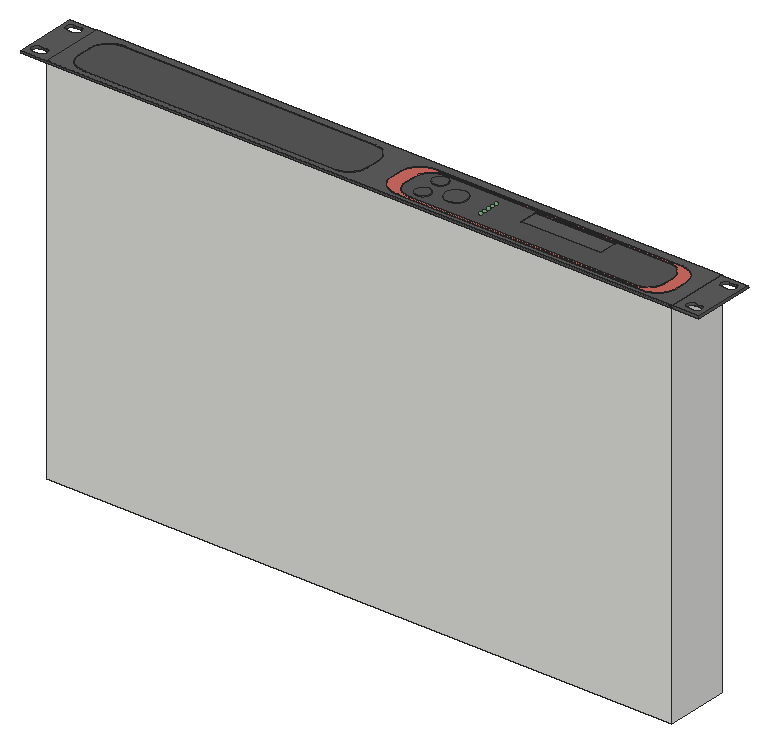
Revit family "Electronics_Fixed-Audio-DSP_Biamp_Tesira_TesiraFORTE_VT__", category Communication Devices, host Face, Revit 2020
Family settings
  Host = Face
  Maintain Annotation Orientation = No
  Round Connector Dimension = Use Diameter
  Part Type = Normal
  OmniClass Number = 23.85.10.11.11
  OmniClass Title = Sound and Signal Devices
  Cut with Voids When Loaded = No
  Shared = No
  Room Calculation Point = No
Parameters (values of type "VT")
  Width = 19.00"  # constant formula
  Weight = 8.00 lbf  # constant formula
  Voltage = 120 V
  URL = "https://www.biamp.com/"
  Type 2 = yes
  Temperature Range = "32 - 104° F (0 - 40° C)"  # constant formula
  THD+N = "0dB gain, +4dBu input: < 0.006%; 54dB gain, -50dBu input: < 0.040%"  # constant formula
  Sampling Rate = "48kHz\r"  # constant formula
  Sample Rate = "USB 48kHz"  # constant formula
  Product data url = "https://www.bimobject.com/biamp/product/tesiraforte-vt_fixed-audio-dsp"
  Product Page URL = "https://www.biamp.com/products/tesira-fixed-audio-dsp#tesiraforte-vt"
  Product Documentation Link = "https://downloads.biamp.com/assets/docs/default-source/data-sheets/biamp_data_sheet_tesiraforte_vt.pdf"
  Power Factor = 1
  Phantom Power = "+48VDC (7mA/input)\r"  # constant formula
  Output Impedance = "207 ohm"  # constant formula
  Number of Poles = 1
  Number of Channels = "up to 8"  # constant formula
  Maximum Output = "+24dBu, +18dBu, +12dBu, +6dBu, 0dBu, -31dBu"  # constant formula
  Maximum Input = "+24dBu"  # constant formula
  Max Power Consumption = 35 W
  Input Impedance = "8 kohm"  # constant formula
  Input Gain Range = "0-66dB"  # constant formula
  Humidity = "0-98% relative humidity (non-condensing)"  # constant formula
  Housing Material = Biamp - Metal - Silver
  Height = 1.75"  # constant formula
  Frequency Response = "20Hz to 20kHz, +4dBu output: +0.25 dB/-0.5 dB"  # constant formula
  EIN = "no weighting, 22Hz to 22kHz: < -125dBu"  # constant formula
  Dynamic Range = "22Hz to 22kHz, 0dB gain: > 108dB\r"  # constant formula
  Depth = 10.50"  # constant formula
  DAN/AVB = yes
  VoIP+Telephone Line = yes
  Type1 = yes
  Model = "TesiraFORTÉ VT"  # constant formula
  Manufacturer = "Biamp"  # constant formula
  Description = "TesiraFORTÉ® VT Fixed I/O DSP"  # constant formula
  Default Elevation = 48.00"
  Cross Talk = "0dB gain, +4dBu input: < -85dB; 54dB gain, -50dBu input: < -75dB"  # constant formula
  Connector Description = "100-240VAC 50/60Hz"
  Compliance = "FCC Part 15B (USA), CE marked (Europe), UL und C-UL listed (USA and Canada), RCM (Australia), RoHS Directive (Europe)"  # constant formula
  Bit Depth = "16- or 24-bit"  # constant formula
  Assembly Code = ""
  Apparent Load = Max Power Consumption / Power Factor  # 35 VA
  Altitude = "0-6,600 ft (0-2000m) MSL"  # constant formula
  A/D - D/A Converters = "24-bit"  # constant formula
Reference planes (in)
  plane 1 "Center (Front/Back)": y = 0
  plane 2: z = 0
  plane 3 "Center (Left/Right)": x = 0
  plane 4: x = 18.35304
  plane 5: y = 0.60831
  plane 6: y = -0.59466
  plane 7: y = -0.86817
  plane 8: y = 0.88183
  plane 9: x = 18.67652
  plane 10: x = -0.32348
Forms (in)
  Extrusion 1, solid, material "Biamp - Plastic - Red", detail levels medium+fine
    sketch origin (9.17652, -0.86817, -5.18699) x (1, 0, 0) y (0, 1, 0)
      loop
        arc (0.91084, 1.51843) -> (0.52967, 1.36054) -> (0.37178, 0.97937) r 0.53906
        line (0.37178, 0.97937) -> (0.37178, 0.67022)
        arc (0.37178, 0.67022) -> (0.52998, 0.28829) -> (0.91192, 0.13009) r 0.54014
        line (0.91192, 0.13009) -> (7.81996, 0.13009)
        arc (7.81996, 0.13009) -> (8.20114, 0.28798) -> (8.35902, 0.66915) r 0.53906
        line (8.35902, 0.66915) -> (8.35902, 0.97937)
        arc (8.35902, 0.97937) -> (8.20114, 1.36054) -> (7.81996, 1.51843) r 0.53906
        line (7.81996, 1.51843) -> (0.91084, 1.51843)
      loop
        line (1.22622, 0.20126) -> (7.54738, 0.20126)
        arc (7.54738, 0.20126) -> (7.87547, 0.33716) -> (8.01138, 0.66526) r 0.464
        line (8.01138, 0.66526) -> (8.01138, 0.95126)
        arc (8.01138, 0.95126) -> (7.86493, 1.30482) -> (7.51138, 1.45126) r 0.5
        line (7.51138, 1.45126) -> (1.22622, 1.45126)
        arc (1.22622, 1.45126) -> (0.89753, 1.31511) -> (0.76138, 0.98642) r 0.46484
        line (0.76138, 0.98642) -> (0.76138, 0.66611)
        arc (0.76138, 0.66611) -> (0.89753, 0.33741) -> (1.22622, 0.20126) r 0.46484
    from 5.24135 to 5.25
  Extrusion 2, solid, material "Biamp - Metal - Black"
    sketch origin (9.17652, -0.86817, -5.18699) x (1, 0, 0) y (0, 1, 0)
      loop
        line (-9.5, 1.75) -> (-9.5, 0) -> (9.5, 0) -> (9.5, 1.75) -> (-9.5, 1.75)
    from 5.18699 to 5.24135
  Extrusion 3, void, detail levels medium+fine
    sketch origin (9.17652, -0.86817, -5.18699) x (1, 0, 0) y (0, 1, 0)
      loop
        arc (9.0994, 1.61097) -> (8.96492, 1.47649) -> (9.0994, 1.342) r 0.13448
        line (9.0994, 1.342) -> (9.25364, 1.342)
        arc (9.25364, 1.342) -> (9.38812, 1.47649) -> (9.25364, 1.61097) r 0.13448
        line (9.25364, 1.61097) -> (9.0994, 1.61097)
      loop
        arc (9.0994, 0.408) -> (8.96492, 0.27351) -> (9.0994, 0.13903) r 0.13448
        line (9.0994, 0.13903) -> (9.25364, 0.13903)
        arc (9.25364, 0.13903) -> (9.38812, 0.27351) -> (9.25364, 0.408) r 0.13448
        line (9.25364, 0.408) -> (9.0994, 0.408)
      loop
        arc (-9.25364, 1.61097) -> (-9.38812, 1.47649) -> (-9.25364, 1.342) r 0.13448
        line (-9.25364, 1.342) -> (-9.0994, 1.342)
        arc (-9.0994, 1.342) -> (-8.96492, 1.47649) -> (-9.0994, 1.61097) r 0.13448
        line (-9.0994, 1.61097) -> (-9.25364, 1.61097)
      loop
        arc (-9.25364, 0.408) -> (-9.38812, 0.27351) -> (-9.25364, 0.13903) r 0.13448
        line (-9.25364, 0.13903) -> (-9.0994, 0.13903)
        arc (-9.0994, 0.13903) -> (-8.96492, 0.27351) -> (-9.0994, 0.408) r 0.13448
        line (-9.0994, 0.408) -> (-9.25364, 0.408)
    from 5.18699 to 5.24135
  Extrusion 4, solid, material "Biamp - Glass - Gray", detail levels medium+fine
    sketch origin (9.17652, -0.86817, -5.18699) x (1, 0, 0) y (0, 1, 0)
      loop
        line (3.83453, 0.85955) -> (6.08453, 0.85955) -> (6.08453, 1.3833) -> (3.83453, 1.3833) -> (3.83453, 0.85955)
    from 5.24135 to 5.25
  Extrusion 5, solid, material "Biamp - Plastic - Black", detail levels medium+fine
    sketch origin (9.17652, -0.86817, -5.18699) x (1, 0, 0) y (0, 1, 0)
      loop
        arc (1.22622, 1.45126) -> (0.89753, 1.31511) -> (0.76138, 0.98642) r 0.46484
        line (0.76138, 0.98642) -> (0.76138, 0.66611)
        arc (0.76138, 0.66611) -> (0.89753, 0.33741) -> (1.22622, 0.20126) r 0.46484
        line (1.22622, 0.20126) -> (7.54738, 0.20126)
        arc (7.54738, 0.20126) -> (7.87547, 0.33716) -> (8.01138, 0.66526) r 0.464
        line (8.01138, 0.66526) -> (8.01138, 0.95126)
        arc (8.01138, 0.95126) -> (7.86493, 1.30482) -> (7.51138, 1.45126) r 0.5
        line (7.51138, 1.45126) -> (1.22622, 1.45126)
      loop
        line (3.83453, 0.85955) -> (6.08453, 0.85955) -> (6.08453, 1.3833) -> (3.83453, 1.3833) -> (3.83453, 0.85955)
    from 5.24135 to 5.24805
  Extrusion 6, solid, material "Biamp - Metal - Black", detail levels medium+fine
    sketch origin (9.17652, -0.86817, -5.18699) x (1, 0, 0) y (0, 1, 0)
      loop
        line (-8.75742, 1.75) -> (-8.75742, 0) -> (8.75742, 0) -> (8.75742, 1.75) -> (-8.75742, 1.75)
      loop
        line (8.35902, 0.66915) -> (8.35902, 0.97937)
        arc (8.35902, 0.97937) -> (8.20114, 1.36054) -> (7.81996, 1.51843) r 0.53906
        line (7.81996, 1.51843) -> (0.91084, 1.51843)
        arc (0.91084, 1.51843) -> (0.52967, 1.36054) -> (0.37178, 0.97937) r 0.53906
        line (0.37178, 0.97937) -> (0.37178, 0.67022)
        arc (0.37178, 0.67022) -> (0.52998, 0.28829) -> (0.91192, 0.13009) r 0.54014
        line (0.91192, 0.13009) -> (7.81996, 0.13009)
        arc (7.81996, 0.13009) -> (8.20114, 0.28798) -> (8.35902, 0.66915) r 0.53906
      loop
        line (-0.80003, 1.5425) -> (-7.86956, 1.5425)
        arc (-7.86956, 1.5425) -> (-8.22311, 1.39606) -> (-8.36956, 1.0425) r 0.5
        line (-8.36956, 1.0425) -> (-8.36956, 0.64195)
        arc (-8.36956, 0.64195) -> (-8.22311, 0.2884) -> (-7.86956, 0.14195) r 0.5
        line (-7.86956, 0.14195) -> (-0.80003, 0.14195)
        arc (-0.80003, 0.14195) -> (-0.44647, 0.2884) -> (-0.30003, 0.64195) r 0.5
        line (-0.30003, 0.64195) -> (-0.30003, 1.0425)
        arc (-0.30003, 1.0425) -> (-0.44647, 1.39606) -> (-0.80003, 1.5425) r 0.5
    from 5.24135 to 5.25
  Extrusion 7, solid, material "Biamp - Plastic - Black(Grid)", detail levels medium+fine
    sketch origin (9.17652, -0.86817, -5.18699) x (1, 0, 0) y (0, 1, 0)
      loop
        arc (-7.86956, 1.5425) -> (-8.22311, 1.39606) -> (-8.36956, 1.0425) r 0.5
        line (-8.36956, 1.0425) -> (-8.36956, 0.64195)
        arc (-8.36956, 0.64195) -> (-8.22311, 0.2884) -> (-7.86956, 0.14195) r 0.5
        line (-7.86956, 0.14195) -> (-0.80003, 0.14195)
        arc (-0.80003, 0.14195) -> (-0.44647, 0.2884) -> (-0.30003, 0.64195) r 0.5
        line (-0.30003, 0.64195) -> (-0.30003, 1.0425)
        arc (-0.30003, 1.0425) -> (-0.44647, 1.39606) -> (-0.80003, 1.5425) r 0.5
        line (-0.80003, 1.5425) -> (-7.86956, 1.5425)
    from 5.24135 to 5.25
  Extrusion 8, solid, material "Biamp - Metal - Silver" <- "Housing Material"
    sketch origin (9.17652, -0.86817, -5.18699) x (1, 0, 0) y (0, 0, -1)
      loop
        line (-8.75742, 5.25) -> (-8.75742, -5.18699) -> (8.75742, -5.18699) -> (8.75742, 5.25) -> (-8.75742, 5.25)
    from 0 to 1.75
  Extrusion 9, solid, material "Biamp - Metal - Silver" <- "Housing Material", visible <- "Type1"
    sketch origin (9.17652, -0.86817, -5.18699) x (1, 0, 0) y (0, 1, 0)
      loop
        line (6.99083, 1.52401) -> (6.99083, 0.59433) -> (8.24083, 0.59433) -> (8.24083, 1.52401) -> (6.99083, 1.52401)
      loop
        line (6.26249, 0.22588) -> (6.26249, 0.78659) -> (5.55775, 0.78659) -> (5.55775, 0.22588) -> (6.26249, 0.22588)
      loop
        line (3.15045, 0.26348) -> (3.23229, 0.72758) -> (2.37912, 0.72758) -> (2.46096, 0.26348) -> (3.15045, 0.26348)
      loop
        line (1.96267, 0.22749) -> (1.96267, 0.70184) -> (1.42474, 0.70184) -> (1.42474, 0.22749) -> (1.96267, 0.22749)
      loop
        line (0.16865, 0.53988) -> (-0.7835, 0.53988) -> (-0.7835, 0.22373) -> (0.16865, 0.22373) -> (0.16865, 0.53988)
      loop
        line (-4.9886, 1.33802) -> (-5.65288, 1.33802) -> (-5.65288, 0.88089) -> (-4.9886, 0.88089) -> (-4.9886, 1.33802)
      loop
        line (-5.96289, 1.33802) -> (-6.62717, 1.33802) -> (-6.62717, 0.88089) -> (-5.96289, 0.88089) -> (-5.96289, 1.33802)
      loop
        line (-6.93718, 1.33802) -> (-7.60145, 1.33802) -> (-7.60145, 0.88089) -> (-6.93718, 0.88089) -> (-6.93718, 1.33802)
      loop
        line (-7.91147, 1.33802) -> (-8.57574, 1.33802) -> (-8.57574, 0.88089) -> (-7.91147, 0.88089) -> (-7.91147, 1.33802)
      loop
        line (-5.65288, 0.68086) -> (-5.65288, 0.22373) -> (-4.9886, 0.22373) -> (-4.9886, 0.68086) -> (-5.65288, 0.68086)
      loop
        line (-5.96289, 0.68086) -> (-6.62717, 0.68086) -> (-6.62717, 0.22373) -> (-5.96289, 0.22373) -> (-5.96289, 0.68086)
      loop
        line (-6.93718, 0.22373) -> (-6.93718, 0.68086) -> (-7.60145, 0.68086) -> (-7.60145, 0.22373) -> (-6.93718, 0.22373)
      loop
        line (-7.91147, 0.22373) -> (-7.91147, 0.68086) -> (-8.57574, 0.68086) -> (-8.57574, 0.22373) -> (-7.91147, 0.22373)
    from -5.26366 to -5.25
  Extrusion 10, solid, material "Biamp - Metal - Silver" <- "Housing Material", visible <- "Type 2"
    sketch origin (9.17652, -0.86817, -5.18699) x (1, 0, 0) y (0, 1, 0)
      loop
        line (2.80571, 1.33802) -> (2.14143, 1.33802) -> (2.14143, 0.88089) -> (2.80571, 0.88089) -> (2.80571, 1.33802)
      loop
        line (1.83142, 1.33802) -> (1.16714, 1.33802) -> (1.16714, 0.88089) -> (1.83142, 0.88089) -> (1.83142, 1.33802)
      loop
        line (0.85713, 0.88089) -> (0.85713, 1.33802) -> (0.19286, 1.33802) -> (0.19286, 0.88089) -> (0.85713, 0.88089)
      loop
        line (-0.11716, 1.33802) -> (-0.78143, 1.33802) -> (-0.78143, 0.88089) -> (-0.11716, 0.88089) -> (-0.11716, 1.33802)
      loop
        line (-1.09145, 1.33802) -> (-1.75572, 1.33802) -> (-1.75572, 0.88089) -> (-1.09145, 0.88089) -> (-1.09145, 1.33802)
      loop
        line (-2.06574, 0.88089) -> (-2.06574, 1.33802) -> (-2.73001, 1.33802) -> (-2.73001, 0.88089) -> (-2.06574, 0.88089)
      loop
        line (-3.04003, 0.88089) -> (-3.04003, 1.33802) -> (-3.7043, 1.33802) -> (-3.7043, 0.88089) -> (-3.04003, 0.88089)
      loop
        line (-3.04003, 0.68086) -> (-3.7043, 0.68086) -> (-3.7043, 0.22373) -> (-3.04003, 0.22373) -> (-3.04003, 0.68086)
      loop
        line (-4.01432, 0.22373) -> (-4.01432, 0.68086) -> (-4.67859, 0.68086) -> (-4.67859, 0.22373) -> (-4.01432, 0.22373)
      loop
        line (-4.67859, 0.88089) -> (-4.01432, 0.88089) -> (-4.01432, 1.33802) -> (-4.67859, 1.33802) -> (-4.67859, 0.88089)
      loop
        line (-2.73001, 0.68086) -> (-2.73001, 0.22373) -> (-2.06574, 0.22373) -> (-2.06574, 0.68086) -> (-2.73001, 0.68086)
      loop
        line (-1.75572, 0.68086) -> (-1.75572, 0.22373) -> (-1.09145, 0.22373) -> (-1.09145, 0.68086) -> (-1.75572, 0.68086)
    from -5.26366 to -5.25
  Extrusion 11, solid, material "Biamp - Metal - Silver" <- "Housing Material", visible <- "VoIP+Telephone Line"
    sketch origin (9.17652, -0.86817, -5.18699) x (1, 0, 0) y (0, 1, 0)
      loop
        line (5.55775, 1.47409) -> (5.55775, 0.91338) -> (6.26249, 0.91338) -> (6.26249, 1.47409) -> (5.55775, 1.47409)
      loop
        line (3.47667, 1.47409) -> (2.97667, 1.47409) -> (2.97667, 0.91338) -> (3.47667, 0.91338) -> (3.47667, 1.47409)
    from -5.26366 to -5.25
  Extrusion 12, solid, material "Biamp - Plastic - Black", detail levels fine
    sketch origin (0, 0, 0) x (1, 0, 0) y (0, 1, 0)
      loop
        circle (10.50753, 0.30721) r 0.2
      loop
        circle (10.50753, -0.30721) r 0.2
      loop
        circle (11.19836, 0) r 0.29
    from 0 to 0.06301
  Revolve 13, solid, material "Biamp - Plastic - Green", detail levels fine
    sketch origin (12.10249, -1.02037, -5.09642) x (0, 1, 0) y (0, 0, 1)
      loop
        arc (1.33717, 5.15748) -> (1.29771, 5.19694) -> (1.25824, 5.15748) r 0.03946
        line (1.25824, 5.15748) -> (1.33717, 5.15748)
      loop
        arc (1.19785, 5.15748) -> (1.15839, 5.19694) -> (1.11892, 5.15748) r 0.03946
        line (1.11892, 5.15748) -> (1.19785, 5.15748)
      loop
        arc (1.05983, 5.15748) -> (1.02037, 5.19694) -> (0.9809, 5.15748) r 0.03946
        line (0.9809, 5.15748) -> (1.05983, 5.15748)
      loop
        arc (0.92095, 5.15748) -> (0.88149, 5.19694) -> (0.84202, 5.15748) r 0.03946
        line (0.84202, 5.15748) -> (0.92095, 5.15748)
      loop
        arc (0.78497, 5.15748) -> (0.7455, 5.19694) -> (0.70604, 5.15748) r 0.03946
        line (0.70604, 5.15748) -> (0.78497, 5.15748)
      axis (1.33717, 5.15748) -> (0.70604, 5.15748)
    angle from 270 to 450
Cuts and joins
  Extrusion 3 cuts Extrusion 2
Lines and regions (in)
  Masking region 1
    outline origin (0, 0, 0) x (1, 0, 0) y (0, 0, 1)
      loop
        line (-0.32348, 0) -> (0.4191, 0) -> (0.4191, -10.43699) -> (17.93394, -10.43699) -> (17.93394, 0) -> (18.67652, 0) -> (18.67652, 0.06301) -> (-0.32348, 0.06301) -> (-0.32348, 0)
  symbolic lines
    curve 1: line (-0.32348, 0, 0) -> (18.67652, 0, 0)
Dimensions and locks (in)
  aligned and locked: plane 2 to host face
  aligned and locked: level to host face
Connectors (in)
  electrical at (16.79235, 0.191, -10.45064), driven by "Number of Poles", driven by "Voltage", driven by "Apparent Load", driven by "Power Factor", driven by "Connector Description"
    settings: on Extrusion 9, index 1, voltage 120 V, apparent load 0 VA, apparent load phase1 35 VA, apparent load phase2 0 VA, apparent load phase3 0 VA, power factor 1, load classification "Other", number of poles 1, system type 31, power factor state 1, is connector primary yes, connector utility no, sub classification motor no, connector description "100-240VAC 50/60Hz"
  electrical at (15.08664, -0.36194, -10.45064)
    settings: on Extrusion 9, index 2, voltage 0 V, apparent load 0 VA, apparent load phase1 0 VA, apparent load phase2 0 VA, apparent load phase3 0 VA, power factor 1, load classification "Other", number of poles 1, system type 5, power factor state 1, is connector primary no, connector utility no, sub classification motor no, connector description "RJ-45; Network control connector"
  electrical at (11.98222, -0.37264, -10.45064)
    settings: on Extrusion 9, index 4, voltage 0 V, apparent load 0 VA, apparent load phase1 0 VA, apparent load phase2 0 VA, apparent load phase3 0 VA, power factor 1, load classification "Other", number of poles 1, system type 5, power factor state 1, is connector primary no, connector utility no, sub classification motor no, connector description "RS-232; Serial Port"
  electrical at (11.65009, 0.24129, -10.45064)
    settings: on Extrusion 10, index 5, voltage 0 V, apparent load 0 VA, apparent load phase1 0 VA, apparent load phase2 0 VA, apparent load phase3 0 VA, power factor 1, load classification "Other", number of poles 1, system type 5, power factor state 1, is connector primary no, connector utility no, sub classification motor no, connector description "Analog Input"
  electrical at (10.6758, 0.24129, -10.45064)
    settings: on Extrusion 10, index 6, voltage 0 V, apparent load 0 VA, apparent load phase1 0 VA, apparent load phase2 0 VA, apparent load phase3 0 VA, power factor 1, load classification "Other", number of poles 1, system type 5, power factor state 1, is connector primary no, connector utility no, sub classification motor no, connector description "Analog Input"
  electrical at (9.70151, 0.24129, -10.45064)
    settings: on Extrusion 10, index 7, voltage 0 V, apparent load 0 VA, apparent load phase1 0 VA, apparent load phase2 0 VA, apparent load phase3 0 VA, power factor 1, load classification "Other", number of poles 1, system type 5, power factor state 1, is connector primary no, connector utility no, sub classification motor no, connector description "Analog Input"
  electrical at (8.72722, 0.24129, -10.45064)
    settings: on Extrusion 10, index 8, voltage 0 V, apparent load 0 VA, apparent load phase1 0 VA, apparent load phase2 0 VA, apparent load phase3 0 VA, power factor 1, load classification "Other", number of poles 1, system type 5, power factor state 1, is connector primary no, connector utility no, sub classification motor no, connector description "Analog Input"
  electrical at (7.75293, 0.24129, -10.45064)
    settings: on Extrusion 10, index 9, voltage 0 V, apparent load 0 VA, apparent load phase1 0 VA, apparent load phase2 0 VA, apparent load phase3 0 VA, power factor 1, load classification "Other", number of poles 1, system type 5, power factor state 1, is connector primary no, connector utility no, sub classification motor no, connector description "Analog Input"
  electrical at (6.77864, 0.24129, -10.45064)
    settings: on Extrusion 10, index 10, voltage 0 V, apparent load 0 VA, apparent load phase1 0 VA, apparent load phase2 0 VA, apparent load phase3 0 VA, power factor 1, load classification "Other", number of poles 1, system type 5, power factor state 1, is connector primary no, connector utility no, sub classification motor no, connector description "Analog Input"
  electrical at (5.80436, 0.24129, -10.45064)
    settings: on Extrusion 10, index 11, voltage 0 V, apparent load 0 VA, apparent load phase1 0 VA, apparent load phase2 0 VA, apparent load phase3 0 VA, power factor 1, load classification "Other", number of poles 1, system type 5, power factor state 1, is connector primary no, connector utility no, sub classification motor no, connector description "Analog Input"
  electrical at (4.83007, 0.24129, -10.45064)
    settings: on Extrusion 10, index 12, voltage 0 V, apparent load 0 VA, apparent load phase1 0 VA, apparent load phase2 0 VA, apparent load phase3 0 VA, power factor 1, load classification "Other", number of poles 1, system type 5, power factor state 1, is connector primary no, connector utility no, sub classification motor no, connector description "Analog Input"
  electrical at (3.85578, 0.24129, -10.45064)
    settings: on Extrusion 9, index 13, voltage 0 V, apparent load 0 VA, apparent load phase1 0 VA, apparent load phase2 0 VA, apparent load phase3 0 VA, power factor 1, load classification "Other", number of poles 1, system type 5, power factor state 1, is connector primary no, connector utility no, sub classification motor no, connector description "Analog Input"
  electrical at (2.88149, 0.24129, -10.45064)
    settings: on Extrusion 9, index 14, voltage 0 V, apparent load 0 VA, apparent load phase1 0 VA, apparent load phase2 0 VA, apparent load phase3 0 VA, power factor 1, load classification "Other", number of poles 1, system type 5, power factor state 1, is connector primary no, connector utility no, sub classification motor no, connector description "Analog Input"
  electrical at (1.9072, 0.24129, -10.45064)
    settings: on Extrusion 9, index 15, voltage 0 V, apparent load 0 VA, apparent load phase1 0 VA, apparent load phase2 0 VA, apparent load phase3 0 VA, power factor 1, load classification "Other", number of poles 1, system type 5, power factor state 1, is connector primary no, connector utility no, sub classification motor no, connector description "Analog Input"
  electrical at (0.93291, 0.24129, -10.45064)
    settings: on Extrusion 9, index 16, voltage 0 V, apparent load 0 VA, apparent load phase1 0 VA, apparent load phase2 0 VA, apparent load phase3 0 VA, power factor 1, load classification "Other", number of poles 1, system type 5, power factor state 1, is connector primary no, connector utility no, sub classification motor no, connector description "Analog Input"
  electrical at (0.93291, -0.41588, -10.45064)
    settings: on Extrusion 9, index 17, voltage 0 V, apparent load 0 VA, apparent load phase1 0 VA, apparent load phase2 0 VA, apparent load phase3 0 VA, power factor 1, load classification "Other", number of poles 1, system type 5, power factor state 1, is connector primary no, connector utility no, sub classification motor no, connector description "Analog Output"
  electrical at (1.9072, -0.41588, -10.45064)
    settings: on Extrusion 9, index 18, voltage 0 V, apparent load 0 VA, apparent load phase1 0 VA, apparent load phase2 0 VA, apparent load phase3 0 VA, power factor 1, load classification "Other", number of poles 1, system type 5, power factor state 1, is connector primary no, connector utility no, sub classification motor no, connector description "Analog Output"
  electrical at (2.88149, -0.41588, -10.45064)
    settings: on Extrusion 9, index 19, voltage 0 V, apparent load 0 VA, apparent load phase1 0 VA, apparent load phase2 0 VA, apparent load phase3 0 VA, power factor 1, load classification "Other", number of poles 1, system type 5, power factor state 1, is connector primary no, connector utility no, sub classification motor no, connector description "Analog Output"
  electrical at (3.85578, -0.41588, -10.45064)
    settings: on Extrusion 9, index 20, voltage 0 V, apparent load 0 VA, apparent load phase1 0 VA, apparent load phase2 0 VA, apparent load phase3 0 VA, power factor 1, load classification "Other", number of poles 1, system type 5, power factor state 1, is connector primary no, connector utility no, sub classification motor no, connector description "Analog Output"
  electrical at (4.83007, -0.41588, -10.45064)
    settings: on Extrusion 10, index 21, voltage 0 V, apparent load 0 VA, apparent load phase1 0 VA, apparent load phase2 0 VA, apparent load phase3 0 VA, power factor 1, load classification "Other", number of poles 1, system type 5, power factor state 1, is connector primary no, connector utility no, sub classification motor no, connector description "Analog Output"
  electrical at (5.80436, -0.41588, -10.45064)
    settings: on Extrusion 10, index 22, voltage 0 V, apparent load 0 VA, apparent load phase1 0 VA, apparent load phase2 0 VA, apparent load phase3 0 VA, power factor 1, load classification "Other", number of poles 1, system type 5, power factor state 1, is connector primary no, connector utility no, sub classification motor no, connector description "Analog Output"
  electrical at (6.77864, -0.41588, -10.45064)
    settings: on Extrusion 10, index 23, voltage 0 V, apparent load 0 VA, apparent load phase1 0 VA, apparent load phase2 0 VA, apparent load phase3 0 VA, power factor 1, load classification "Other", number of poles 1, system type 5, power factor state 1, is connector primary no, connector utility no, sub classification motor no, connector description "Analog Output"
  electrical at (7.75293, -0.41588, -10.45064)
    settings: on Extrusion 10, index 24, voltage 0 V, apparent load 0 VA, apparent load phase1 0 VA, apparent load phase2 0 VA, apparent load phase3 0 VA, power factor 1, load classification "Other", number of poles 1, system type 5, power factor state 1, is connector primary no, connector utility no, sub classification motor no, connector description "Analog Output"
  electrical at (8.8691, -0.48637, -10.45064)
    settings: on Extrusion 9, index 25, voltage 0 V, apparent load 0 VA, apparent load phase1 0 VA, apparent load phase2 0 VA, apparent load phase3 0 VA, power factor 1, load classification "Other", number of poles 1, system type 5, power factor state 1, is connector primary no, connector utility no, sub classification motor no, connector description "GPIO; Logic I/O"
  electrical at (10.87022, -0.4035, -10.45064)
    settings: on Extrusion 9, index 26, voltage 0 V, apparent load 0 VA, apparent load phase1 0 VA, apparent load phase2 0 VA, apparent load phase3 0 VA, power factor 1, load classification "Other", number of poles 1, system type 5, power factor state 1, is connector primary no, connector utility no, sub classification motor no, connector description "USB"
  electrical at (15.08664, 0.32556, -10.45064)
    settings: on Extrusion 11, index 27, voltage 0 V, apparent load 0 VA, apparent load phase1 0 VA, apparent load phase2 0 VA, apparent load phase3 0 VA, power factor 1, load classification "Other", number of poles 1, system type 5, power factor state 1, is connector primary no, connector utility no, sub classification motor no, connector description "RJ-45; VoIP"
  electrical at (12.40319, 0.32556, -10.45064)
    settings: on Extrusion 11, index 28, voltage 0 V, apparent load 0 VA, apparent load phase1 0 VA, apparent load phase2 0 VA, apparent load phase3 0 VA, power factor 1, load classification "Other", number of poles 1, system type 5, power factor state 1, is connector primary no, connector utility no, sub classification motor no, connector description "RJ-11; Telephone line"
